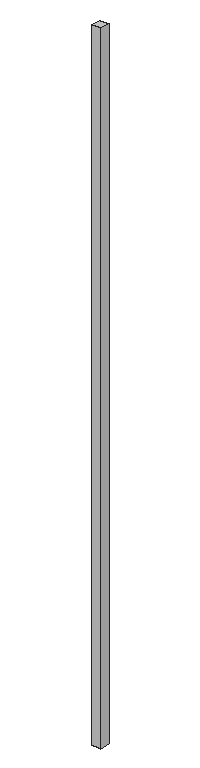
Revit family "148602ddf53148779886c136ae0bbeda", category Structural Columns, Revit 2021
Family settings
  Section Shape = Rectangular Bar
  Material for Model Behavior = Steel
  Always export as geometry = No
  Beam cutback in plan = From bounding box
  Family Name Key = Square Bars-Column
  OmniClass Number = 23.25.30.11.14.11
  OmniClass Title = Columns
  Seek Item ID = Square Bar-Column-0000-USA-ENU
  Cut with Voids When Loaded = No
  Symbolic Representation = From Project Settings
  Shared = No
  Show family pre-cut in plan views = Yes
Parameters (values of type "RV 1 1/2")
  Width = 0' - 1 1/2"
  Torsional Moment of Inertia = 0.00 in⁴
  Torsional Modulus = 0.00 in³
  Structural Material [instance] = Steel ASTM A36
  Section Name Key = "RV 1 1/2"
  Section Area = 2.25 in²
  Principal Axes Angle = 0.00°
  Plastic Modulus weak axis = 0.84 in³
  Plastic Modulus strong axis = 0.84 in³
  Perimeter = 6.00 ft²/ft
  Nominal Weight = 0.00 lbf/ft
  Moment of Inertia weak axis = 0.42 in⁴
  Moment of Inertia strong axis = 0.42 in⁴
  Height = 0' - 1 1/2"
  Elastic Modulus weak axis = 0.56 in³
  Elastic Modulus strong axis = 0.56 in³
  Centroid Vertical = Height / 2  # 0.750"
  Centroid Horizontal = Width / 2  # 0.750"
  Assembly Code = "B10"
Reference planes (in)
  plane 1 "Center (Front/Back)": y = 0
  plane 2: z = 0
  plane 3 "Center (Left/Right)": x = 0
  plane 4: x = -0.75
  plane 5: x = 0.75
  plane 6: y = 0.75
  plane 7: y = -0.75
Forms (in)
  Extrusion 1, solid, material "Steel ASTM A36" <- "Structural Material", detail levels medium+fine
    sketch origin (0, 0, 0) x (1, 0, 0) y (0, 1, 0)
      loop
        line (-0.75, 0.75) -> (-0.75, -0.75) -> (0.75, -0.75) -> (0.75, 0.75) -> (-0.75, 0.75)
    from 0 to 108
Lines and regions (in)
  symbolic lines, style "StructuralColumnStickSymbols", detail levels coarse
    curve 1: line (-0.75, 0.75, 0) -> (0.75, 0.75, 0)
    curve 2: line (-0.75, -0.75, 0) -> (-0.75, 0.75, 0)
    curve 3: line (0.75, -0.75, 0) -> (-0.75, -0.75, 0)
    curve 4: line (0.75, 0.75, 0) -> (0.75, -0.75, 0)
Dimensions and locks (in)
  equal spacing: plane 4, plane 3 "Center (Left/Right)", plane 5
  equal spacing: plane 7, plane 1 "Center (Front/Back)", plane 6
  "Height": plane 7 to plane 6
  "Width": plane 4 to plane 5
  aligned and locked: level to plane 2
  aligned and locked: level to Extrusion 1
  aligned and locked: curve 1 to Extrusion 1
  aligned and locked: curve 2 to Extrusion 1
  aligned and locked: curve 4 to Extrusion 1
  aligned and locked: plane 4 to Extrusion 1
  aligned and locked: plane 5 to Extrusion 1
Automatic sketch dimensions
  Extrusion 1 sketch curve to plane 4 = 0' - 0"
  Extrusion 1 sketch curve to plane 5 = 0' - 0"
  plane 7 to Extrusion 1 sketch curve = 0' - 0"
  plane 6 to Extrusion 1 sketch curve = 0' - 0"
  plane 7 to curve 3 = 0' - 0"
